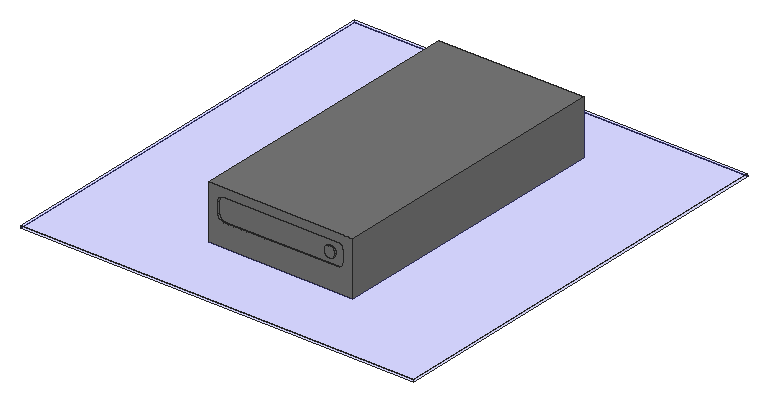
Revit family "QSC QIO-ML4I,ML2x2,L4O", category Communication Devices, host Face, Revit 2018
Family settings
  Host = Face
  Maintain Annotation Orientation = No
  Round Connector Dimension = Use Diameter
  Part Type = Normal
  Cut with Voids When Loaded = No
  Shared = No
  Room Calculation Point = No
Parameters (values of type "QIO-L4O")
  Width = 108 mm  # constant formula
  Weight Product (lb) = 1.72  # constant formula
  Weight Product (kg) = 0.78  # constant formula
  Voltage DC = "24 VDC, or PoE 802.3af Type 1"  # constant formula
  URL = "https://www.qsc.com/products-solutions/q-sys/control-io-controllers/qio-series/"
  Temperature min = "0° C"  # constant formula
  Temperature Max = "50° C"  # constant formula
  Show Surface Mount [instance] = no
  Regulatory Compliance = "FCC 47 CFR Part 15, IC ICES-003, CE (EN55032, EN55035), EU RoHS directive 2011/65/EU, WEEE directive 2012/19/EU, China RoHS directive GB/T26572, EAC, UL, C-UL, NOM-019"  # constant formula
  Rack Units = 1  # constant formula
  Product Page URL = "https://www.qsc.com/products-solutions/q-sys/control-io-controllers/qio-series/"
  Product Documentation Link = "https://www.qsc.com/resource-files/productresources/dn/qio_series/q_dn_qsys_qio_audio_io_expanders_specs.pdf"
  Mounting Width = 108 mm  # constant formula
  Mount Type = "Surface or Rack"  # constant formula
  Model = "QIO-ML4O"
  Manufacturer URL = "http://www.qsc.com"
  Manufacturer = "QSC, LLC"  # constant formula
  Height = 40.4 mm  # constant formula
  Description = "Network 4 Line Output Audio Expander for Q-SYS"
  Depth = 215.9 mm  # constant formula
  Default Elevation = 0 mm
  Current Draw = 2.5  # constant formula
  Enclosure Material [instance] = Dark Gray Finish
  Communication Ports = "4 LINE OUTPUTS, LAN, LAN (THRU)"
Types (4, lengths in mm): name | Model | Description | Communication Ports
  (no name) | "QIO-ML4O" | "Network 4 Line Output Audio Expander for Q-SYS" | "4 LINE OUTPUTS, LAN, LAN (THRU)"
  QIO-ML4I | "QIO-ML4I" | "Network 4 Mic/Line Input Audio Expander for Q-SYS" | "4 MIC/LINE INPUTS, LAN, LAN (THRU)"
  QIO-ML2x2 | "QIO-ML2x2" | "Network 2 Mic/Line Input, 2 Line Output Audio Expander for Q-SYS" | "2 MIC/LINE INPUTS, 2 LINE OUTPUTS, LAN, LAN (THRU)"
  QIO-L4O | "QIO-ML4O" | "Network 4 Line Output Audio Expander for Q-SYS" | "4 LINE OUTPUTS, LAN, LAN (THRU)"
Reference planes
  plane 1 "Center (Front/Back)": y = 0
  plane 2: z = 0
  plane 3 "Center (Left/Right)": x = 0
  plane 4 "Left": x = -54
  plane 5 "Right": x = 54
  plane 6 "Back": y = 107.95
  plane 7 "Front": y = -107.95
  plane 8 "Top": z = 40.4
  plane 9: x = 69.509
  plane 10: x = -69.509
  plane 11: y = -24.997
  plane 12: y = 24.997
Forms (mm)
  Extrusion 1, solid, material "Glass"
    sketch origin (0, 0, 0) x (1, 0, 0) y (0, 1, 0)
      loop
        line (-152.4, 152.4) -> (-152.4, -160.792) -> (141.744, -160.792) -> (141.744, 152.4) -> (-152.4, 152.4)
    from 0 to -2.007
  Extrusion 2, solid, material "Dark Gray Finish" <- "Enclosure Material", visible <- "Show Surface Mount"
    sketch origin (0, 0, 0) x (1, 0, 0) y (0, 1, 0)
      loop
        line (-69.509, 24.997) -> (-69.509, -24.997) -> (69.509, -24.997) -> (69.509, 24.997) -> (-69.509, 24.997)
      loop
        circle (-62.544, -18) r 2.75
      loop
        circle (62.456, -18) r 2.75
      loop
        circle (-62.544, 18) r 2.75
      loop
        circle (62.456, 18) r 2.75
      loop
        arc (-64.844, -7.75) -> (-62.544, -10.05) -> (-60.244, -7.75) r 2.3
        line (-60.244, -7.75) -> (-60.244, -3.633)
        arc (-60.244, -3.633) -> (-58.244, 0) -> (-60.244, 3.633) r 4.3
        line (-60.244, 3.633) -> (-60.244, 7.75)
        arc (-60.244, 7.75) -> (-62.544, 10.05) -> (-64.844, 7.75) r 2.3
        line (-64.844, 7.75) -> (-64.844, 3.633)
        arc (-64.844, 3.633) -> (-66.844, 0) -> (-64.844, -3.633) r 4.3
        line (-64.844, -3.633) -> (-64.844, -7.75)
      loop
        arc (59.656, -7.75) -> (61.956, -10.05) -> (64.256, -7.75) r 2.3
        line (64.256, -7.75) -> (64.256, -3.633)
        arc (64.256, -3.633) -> (66.256, 0) -> (64.256, 3.633) r 4.3
        line (64.256, 3.633) -> (64.256, 7.75)
        arc (64.256, 7.75) -> (61.956, 10.05) -> (59.656, 7.75) r 2.3
        line (59.656, 7.75) -> (59.656, 3.633)
        arc (59.656, 3.633) -> (57.656, 0) -> (59.656, -3.633) r 4.3
        line (59.656, -3.633) -> (59.656, -7.75)
    from 0 to 1
  Extrusion 3, solid, material "Dark Gray Finish" <- "Enclosure Material"
    sketch origin (0, 0, 0) x (1, 0, 0) y (0, 1, 0)
      loop
        line (-54, 107.95) -> (-54, -107.95) -> (54, -107.95) -> (54, 107.95) -> (-54, 107.95)
    from 0 to 40.4
  Extrusion 4, void
    sketch origin (0, -107.95, 0) x (-1, 0, 0) y (0, 0, 1)
      loop
        line (42.144, 34.475) -> (-42.556, 34.475)
        arc (-42.556, 34.475) -> (-45.738, 33.157) -> (-47.056, 29.975) r 4.5
        line (-47.056, 29.975) -> (-47.056, 21.875)
        arc (-47.056, 21.875) -> (-45.738, 18.693) -> (-42.556, 17.375) r 4.5
        line (-42.556, 17.375) -> (42.144, 17.375)
        arc (42.144, 17.375) -> (45.326, 18.693) -> (46.644, 21.875) r 4.5
        line (46.644, 21.875) -> (46.644, 29.975)
        arc (46.644, 29.975) -> (45.326, 33.157) -> (42.144, 34.475) r 4.5
      loop
        circle (-36.788, 25.599) r 4
    from 0 to 1
  Extrusion 5, void
    sketch origin (-129.576, 107.95, 1219.2) x (1, 0, 0) y (0, 0, 1)
      loop
        line (92.395, -1184.496) -> (83.895, -1184.496) -> (83.895, -1190.996) -> (92.395, -1190.996) -> (92.395, -1184.496)
      loop
        line (92.395, -1204.961) -> (83.895, -1204.961) -> (83.895, -1213.461) -> (92.395, -1213.461) -> (92.395, -1204.961)
      loop
        line (112.609, -1197.019) -> (112.609, -1189.519) -> (110.109, -1189.519) -> (110.109, -1188.269) -> (109.328, -1188.269) -> (109.328, -1187.019) -> (102.889, -1187.019) -> (102.889, -1188.269) -> (102.109, -1188.269) -> (102.109, -1189.519) -> (99.609, -1189.519) -> (99.609, -1197.019) -> (112.609, -1197.019)
      loop
        line (112.609, -1202.334) -> (99.609, -1202.334) -> (99.609, -1209.834) -> (102.109, -1209.834) -> (102.109, -1211.084) -> (102.889, -1211.084) -> (102.889, -1212.334) -> (109.328, -1212.334) -> (109.328, -1211.084) -> (110.109, -1211.084) -> (110.109, -1209.834) -> (112.609, -1209.834) -> (112.609, -1202.334)
      loop
        line (114.72, -1186.135) -> (97.72, -1186.135) -> (97.72, -1213.135) -> (114.72, -1213.135) -> (114.72, -1186.135)
      loop
        line (115.22, -1185.635) -> (97.22, -1185.635) -> (97.22, -1213.635) -> (115.22, -1213.635) -> (115.22, -1185.635)
      loop
        line (171.125, -1205.59) -> (125.125, -1205.59) -> (125.125, -1213.59) -> (171.125, -1213.59) -> (171.125, -1205.59)
    from 0 to 1
  Extrusion 6, solid, material "Dark Gray Finish" <- "Enclosure Material", visible <- "Show Surface Mount"
    sketch origin (-54, 0, 0) x (0, 1, 0) y (0, 0, 1)
      loop
        line (24.997, 0) -> (24.997, 21.098)
        arc (24.997, 21.098) -> (19.96, 27.073) -> (13.325, 31.2) r 25
        line (13.325, 31.2) -> (-13.318, 31.2)
        arc (-13.318, 31.2) -> (-19.958, 27.068) -> (-24.997, 21.087) r 25
        line (-24.997, 21.087) -> (-24.997, 0) -> (24.997, 0)
      loop
        circle (15.05, 21.2) r 2.25
      loop
        circle (-14.95, 21.2) r 2.25
    from -1 to 110
  Extrusion 7, void
    sketch origin (-213.601, 0, 0) x (0, 1, 0) y (0, 0, 1)
      loop
        line (24.997, 31.2) -> (-24.997, 31.2) -> (-24.997, 0) -> (24.997, 0) -> (24.997, 31.2)
    from 159.601 to 267.601
Cuts and joins
  Extrusion 4, Extrusion 5 cuts Extrusion 3
  Extrusion 7 cuts Extrusion 2
  Extrusion 7 cuts Extrusion 6
  joined: Extrusion 2, Extrusion 6
Lines and regions (mm)
  model lines
    curve 1: circle (-47.041, -107.95, 4.815) r 1.5 normal (0, 1, 0)
    curve 2: circle (-42.541, -107.95, 4.815) r 1.5 normal (0, 1, 0)
    curve 3: circle (-38.041, -107.95, 4.815) r 1.5 normal (0, 1, 0)
    curve 4: circle (-33.541, -107.95, 4.815) r 1.5 normal (0, 1, 0)
    curve 5: circle (-29.041, -107.95, 4.815) r 1.5 normal (0, 1, 0)
    curve 6: circle (-24.541, -107.95, 4.815) r 1.5 normal (0, 1, 0)
    curve 7: circle (-20.041, -107.95, 4.815) r 1.5 normal (0, 1, 0)
    curve 8: circle (-15.541, -107.95, 4.815) r 1.5 normal (0, 1, 0)
    curve 9: circle (-11.041, -107.95, 4.815) r 1.5 normal (0, 1, 0)
    curve 10: circle (-6.541, -107.95, 4.815) r 1.5 normal (0, 1, 0)
    curve 11: circle (-2.041, -107.95, 4.815) r 1.5 normal (0, 1, 0)
    curve 12: circle (2.459, -107.95, 4.815) r 1.5 normal (0, 1, 0)
    curve 13: circle (6.959, -107.95, 4.815) r 1.5 normal (0, 1, 0)
    curve 14: circle (11.459, -107.95, 4.815) r 1.5 normal (0, 1, 0)
    curve 15: circle (15.959, -107.95, 4.815) r 1.5 normal (0, 1, 0)
    curve 16: circle (20.459, -107.95, 4.815) r 1.5 normal (0, 1, 0)
    curve 17: circle (24.959, -107.95, 4.815) r 1.5 normal (0, 1, 0)
    curve 18: circle (29.459, -107.95, 4.815) r 1.5 normal (0, 1, 0)
    curve 19: circle (33.959, -107.95, 4.815) r 1.5 normal (0, 1, 0)
    curve 20: circle (38.459, -107.95, 4.815) r 1.5 normal (0, 1, 0)
    curve 21: circle (42.959, -107.95, 4.815) r 1.5 normal (0, 1, 0)
    curve 22: circle (47.459, -107.95, 4.815) r 1.5 normal (0, 1, 0)
    curve 24: circle (-47.041, -107.95, 9.815) r 1.5 normal (0, 1, 0)
    curve 25: circle (-42.541, -107.95, 9.815) r 1.5 normal (0, 1, 0)
    curve 26: circle (-38.041, -107.95, 9.815) r 1.5 normal (0, 1, 0)
    curve 27: circle (-33.541, -107.95, 9.815) r 1.5 normal (0, 1, 0)
    curve 28: circle (-29.041, -107.95, 9.815) r 1.5 normal (0, 1, 0)
    curve 29: circle (-24.541, -107.95, 9.815) r 1.5 normal (0, 1, 0)
    curve 30: circle (-20.041, -107.95, 9.815) r 1.5 normal (0, 1, 0)
    curve 31: circle (-15.541, -107.95, 9.815) r 1.5 normal (0, 1, 0)
    curve 32: circle (-11.041, -107.95, 9.815) r 1.5 normal (0, 1, 0)
    curve 33: circle (-6.541, -107.95, 9.815) r 1.5 normal (0, 1, 0)
    curve 34: circle (-2.041, -107.95, 9.815) r 1.5 normal (0, 1, 0)
    curve 35: circle (2.459, -107.95, 9.815) r 1.5 normal (0, 1, 0)
    curve 36: circle (6.959, -107.95, 9.815) r 1.5 normal (0, 1, 0)
    curve 37: circle (11.459, -107.95, 9.815) r 1.5 normal (0, 1, 0)
    curve 38: circle (15.959, -107.95, 9.815) r 1.5 normal (0, 1, 0)
    curve 39: circle (20.459, -107.95, 9.815) r 1.5 normal (0, 1, 0)
    curve 40: circle (24.959, -107.95, 9.815) r 1.5 normal (0, 1, 0)
    curve 41: circle (29.459, -107.95, 9.815) r 1.5 normal (0, 1, 0)
    curve 42: circle (33.959, -107.95, 9.815) r 1.5 normal (0, 1, 0)
    curve 43: circle (38.459, -107.95, 9.815) r 1.5 normal (0, 1, 0)
    curve 44: circle (42.959, -107.95, 9.815) r 1.5 normal (0, 1, 0)
    curve 45: circle (47.459, -107.95, 9.815) r 1.5 normal (0, 1, 0)
    curve 46: circle (-47.041, -107.95, 14.815) r 1.5 normal (0, 1, 0)
    curve 47: circle (-42.541, -107.95, 14.815) r 1.5 normal (0, 1, 0)
    curve 48: circle (-38.041, -107.95, 14.815) r 1.5 normal (0, 1, 0)
    curve 49: circle (-33.541, -107.95, 14.815) r 1.5 normal (0, 1, 0)
    curve 50: circle (-29.041, -107.95, 14.815) r 1.5 normal (0, 1, 0)
    curve 51: circle (-24.541, -107.95, 14.815) r 1.5 normal (0, 1, 0)
    curve 52: circle (-20.041, -107.95, 14.815) r 1.5 normal (0, 1, 0)
    curve 53: circle (-15.541, -107.95, 14.815) r 1.5 normal (0, 1, 0)
    curve 54: circle (-11.041, -107.95, 14.815) r 1.5 normal (0, 1, 0)
    curve 55: circle (-6.541, -107.95, 14.815) r 1.5 normal (0, 1, 0)
    curve 56: circle (-2.041, -107.95, 14.815) r 1.5 normal (0, 1, 0)
    curve 57: circle (2.459, -107.95, 14.815) r 1.5 normal (0, 1, 0)
    curve 58: circle (6.959, -107.95, 14.815) r 1.5 normal (0, 1, 0)
    curve 59: circle (11.459, -107.95, 14.815) r 1.5 normal (0, 1, 0)
    curve 60: circle (15.959, -107.95, 14.815) r 1.5 normal (0, 1, 0)
    curve 61: circle (20.459, -107.95, 14.815) r 1.5 normal (0, 1, 0)
    curve 62: circle (24.959, -107.95, 14.815) r 1.5 normal (0, 1, 0)
    curve 63: circle (29.459, -107.95, 14.815) r 1.5 normal (0, 1, 0)
    curve 64: circle (33.959, -107.95, 14.815) r 1.5 normal (0, 1, 0)
    curve 65: circle (38.459, -107.95, 14.815) r 1.5 normal (0, 1, 0)
    curve 66: circle (42.959, -107.95, 14.815) r 1.5 normal (0, 1, 0)
    curve 67: circle (47.459, -107.95, 14.815) r 1.5 normal (0, 1, 0)
    curve 90: line (52.003, 107.95, 39.598) -> (48.503, 107.95, 39.598)
    curve 91: line (52.003, 107.95, 36.098) -> (52.003, 107.95, 39.598)
    curve 92: line (48.503, 107.95, 36.098) -> (52.003, 107.95, 36.098)
    curve 93: line (48.503, 107.95, 39.598) -> (48.503, 107.95, 36.098)
    curve 94: line (47.103, 107.95, 39.598) -> (43.603, 107.95, 39.598)
    curve 95: line (47.103, 107.95, 36.098) -> (47.103, 107.95, 39.598)
    curve 96: line (43.603, 107.95, 36.098) -> (47.103, 107.95, 36.098)
    curve 97: line (43.603, 107.95, 39.598) -> (43.603, 107.95, 36.098)
    curve 98: line (42.203, 107.95, 39.598) -> (38.703, 107.95, 39.598)
    curve 99: line (42.203, 107.95, 36.098) -> (42.203, 107.95, 39.598)
    curve 100: line (38.703, 107.95, 36.098) -> (42.203, 107.95, 36.098)
    curve 101: line (38.703, 107.95, 39.598) -> (38.703, 107.95, 36.098)
    curve 102: line (37.303, 107.95, 39.598) -> (33.803, 107.95, 39.598)
    curve 103: line (37.303, 107.95, 36.098) -> (37.303, 107.95, 39.598)
    curve 104: line (33.803, 107.95, 36.098) -> (37.303, 107.95, 36.098)
    curve 105: line (33.803, 107.95, 39.598) -> (33.803, 107.95, 36.098)
    curve 106: line (32.403, 107.95, 39.598) -> (28.903, 107.95, 39.598)
    curve 107: line (32.403, 107.95, 36.098) -> (32.403, 107.95, 39.598)
    curve 108: line (28.903, 107.95, 36.098) -> (32.403, 107.95, 36.098)
    curve 109: line (28.903, 107.95, 39.598) -> (28.903, 107.95, 36.098)
    curve 110: line (27.503, 107.95, 39.598) -> (24.003, 107.95, 39.598)
    curve 111: line (27.503, 107.95, 36.098) -> (27.503, 107.95, 39.598)
    curve 112: line (24.003, 107.95, 36.098) -> (27.503, 107.95, 36.098)
    curve 113: line (24.003, 107.95, 39.598) -> (24.003, 107.95, 36.098)
    curve 114: line (22.603, 107.95, 39.598) -> (19.103, 107.95, 39.598)
    curve 115: line (22.603, 107.95, 36.098) -> (22.603, 107.95, 39.598)
    curve 116: line (19.103, 107.95, 36.098) -> (22.603, 107.95, 36.098)
    curve 117: line (19.103, 107.95, 39.598) -> (19.103, 107.95, 36.098)
    curve 118: line (17.703, 107.95, 39.598) -> (14.203, 107.95, 39.598)
    curve 119: line (17.703, 107.95, 36.098) -> (17.703, 107.95, 39.598)
    curve 120: line (14.203, 107.95, 36.098) -> (17.703, 107.95, 36.098)
    curve 121: line (14.203, 107.95, 39.598) -> (14.203, 107.95, 36.098)
    curve 122: line (12.803, 107.95, 39.598) -> (9.303, 107.95, 39.598)
    curve 123: line (12.803, 107.95, 36.098) -> (12.803, 107.95, 39.598)
    curve 124: line (9.303, 107.95, 36.098) -> (12.803, 107.95, 36.098)
    curve 125: line (9.303, 107.95, 39.598) -> (9.303, 107.95, 36.098)
    curve 126: line (7.903, 107.95, 39.598) -> (4.403, 107.95, 39.598)
    curve 127: line (7.903, 107.95, 36.098) -> (7.903, 107.95, 39.598)
    curve 128: line (4.403, 107.95, 36.098) -> (7.903, 107.95, 36.098)
    curve 129: line (4.403, 107.95, 39.598) -> (4.403, 107.95, 36.098)
    curve 130: line (3.003, 107.95, 39.598) -> (-0.497, 107.95, 39.598)
    curve 131: line (3.003, 107.95, 36.098) -> (3.003, 107.95, 39.598)
    curve 132: line (-0.497, 107.95, 36.098) -> (3.003, 107.95, 36.098)
    curve 133: line (-0.497, 107.95, 39.598) -> (-0.497, 107.95, 36.098)
    curve 138: line (52.003, 107.95, 34.698) -> (48.503, 107.95, 34.698)
    curve 139: line (52.003, 107.95, 31.198) -> (52.003, 107.95, 34.698)
    curve 140: line (48.503, 107.95, 31.198) -> (52.003, 107.95, 31.198)
    curve 141: line (48.503, 107.95, 34.698) -> (48.503, 107.95, 31.198)
    curve 142: line (47.103, 107.95, 34.698) -> (43.603, 107.95, 34.698)
    curve 143: line (47.103, 107.95, 31.198) -> (47.103, 107.95, 34.698)
    curve 144: line (43.603, 107.95, 31.198) -> (47.103, 107.95, 31.198)
    curve 145: line (43.603, 107.95, 34.698) -> (43.603, 107.95, 31.198)
    curve 146: line (42.203, 107.95, 34.698) -> (38.703, 107.95, 34.698)
    curve 147: line (42.203, 107.95, 31.198) -> (42.203, 107.95, 34.698)
    curve 148: line (38.703, 107.95, 31.198) -> (42.203, 107.95, 31.198)
    curve 149: line (38.703, 107.95, 34.698) -> (38.703, 107.95, 31.198)
    curve 150: line (37.303, 107.95, 34.698) -> (33.803, 107.95, 34.698)
    curve 151: line (37.303, 107.95, 31.198) -> (37.303, 107.95, 34.698)
    curve 152: line (33.803, 107.95, 31.198) -> (37.303, 107.95, 31.198)
    curve 153: line (33.803, 107.95, 34.698) -> (33.803, 107.95, 31.198)
    curve 154: line (32.403, 107.95, 34.698) -> (28.903, 107.95, 34.698)
    curve 155: line (32.403, 107.95, 31.198) -> (32.403, 107.95, 34.698)
    curve 156: line (28.903, 107.95, 31.198) -> (32.403, 107.95, 31.198)
    curve 157: line (28.903, 107.95, 34.698) -> (28.903, 107.95, 31.198)
    curve 158: line (27.503, 107.95, 34.698) -> (24.003, 107.95, 34.698)
    curve 159: line (27.503, 107.95, 31.198) -> (27.503, 107.95, 34.698)
    curve 160: line (24.003, 107.95, 31.198) -> (27.503, 107.95, 31.198)
    curve 161: line (24.003, 107.95, 34.698) -> (24.003, 107.95, 31.198)
    curve 162: line (22.603, 107.95, 34.698) -> (19.103, 107.95, 34.698)
    curve 163: line (22.603, 107.95, 31.198) -> (22.603, 107.95, 34.698)
    curve 164: line (19.103, 107.95, 31.198) -> (22.603, 107.95, 31.198)
    curve 165: line (19.103, 107.95, 34.698) -> (19.103, 107.95, 31.198)
    curve 166: line (17.703, 107.95, 34.698) -> (14.203, 107.95, 34.698)
    curve 167: line (17.703, 107.95, 31.198) -> (17.703, 107.95, 34.698)
    curve 168: line (14.203, 107.95, 31.198) -> (17.703, 107.95, 31.198)
    curve 169: line (14.203, 107.95, 34.698) -> (14.203, 107.95, 31.198)
    curve 170: line (12.803, 107.95, 34.698) -> (9.303, 107.95, 34.698)
    curve 171: line (12.803, 107.95, 31.198) -> (12.803, 107.95, 34.698)
    curve 172: line (9.303, 107.95, 31.198) -> (12.803, 107.95, 31.198)
    curve 173: line (9.303, 107.95, 34.698) -> (9.303, 107.95, 31.198)
    curve 174: line (7.903, 107.95, 34.698) -> (4.403, 107.95, 34.698)
    curve 175: line (7.903, 107.95, 31.198) -> (7.903, 107.95, 34.698)
    curve 176: line (4.403, 107.95, 31.198) -> (7.903, 107.95, 31.198)
    curve 177: line (4.403, 107.95, 34.698) -> (4.403, 107.95, 31.198)
    curve 178: line (3.003, 107.95, 34.698) -> (-0.497, 107.95, 34.698)
    curve 179: line (3.003, 107.95, 31.198) -> (3.003, 107.95, 34.698)
    curve 180: line (-0.497, 107.95, 31.198) -> (3.003, 107.95, 31.198)
    curve 181: line (-0.497, 107.95, 34.698) -> (-0.497, 107.95, 31.198)
    curve 182: line (52.003, 107.95, 29.798) -> (48.503, 107.95, 29.798)
    curve 183: line (52.003, 107.95, 26.298) -> (52.003, 107.95, 29.798)
    curve 184: line (48.503, 107.95, 26.298) -> (52.003, 107.95, 26.298)
    curve 185: line (48.503, 107.95, 29.798) -> (48.503, 107.95, 26.298)
    curve 186: line (47.103, 107.95, 29.798) -> (43.603, 107.95, 29.798)
    curve 187: line (47.103, 107.95, 26.298) -> (47.103, 107.95, 29.798)
    curve 188: line (43.603, 107.95, 26.298) -> (47.103, 107.95, 26.298)
    curve 189: line (43.603, 107.95, 29.798) -> (43.603, 107.95, 26.298)
    curve 190: line (42.203, 107.95, 29.798) -> (38.703, 107.95, 29.798)
    curve 191: line (42.203, 107.95, 26.298) -> (42.203, 107.95, 29.798)
    curve 192: line (38.703, 107.95, 26.298) -> (42.203, 107.95, 26.298)
    curve 193: line (38.703, 107.95, 29.798) -> (38.703, 107.95, 26.298)
    curve 194: line (37.303, 107.95, 29.798) -> (33.803, 107.95, 29.798)
    curve 195: line (37.303, 107.95, 26.298) -> (37.303, 107.95, 29.798)
    curve 196: line (33.803, 107.95, 26.298) -> (37.303, 107.95, 26.298)
    curve 197: line (33.803, 107.95, 29.798) -> (33.803, 107.95, 26.298)
    curve 198: line (32.403, 107.95, 29.798) -> (28.903, 107.95, 29.798)
    curve 199: line (32.403, 107.95, 26.298) -> (32.403, 107.95, 29.798)
    curve 200: line (28.903, 107.95, 26.298) -> (32.403, 107.95, 26.298)
    curve 201: line (28.903, 107.95, 29.798) -> (28.903, 107.95, 26.298)
    curve 202: line (27.503, 107.95, 29.798) -> (24.003, 107.95, 29.798)
    curve 203: line (27.503, 107.95, 26.298) -> (27.503, 107.95, 29.798)
    curve 204: line (24.003, 107.95, 26.298) -> (27.503, 107.95, 26.298)
    curve 205: line (24.003, 107.95, 29.798) -> (24.003, 107.95, 26.298)
    curve 206: line (22.603, 107.95, 29.798) -> (19.103, 107.95, 29.798)
    curve 207: line (22.603, 107.95, 26.298) -> (22.603, 107.95, 29.798)
    curve 208: line (19.103, 107.95, 26.298) -> (22.603, 107.95, 26.298)
    curve 209: line (19.103, 107.95, 29.798) -> (19.103, 107.95, 26.298)
    curve 210: line (17.703, 107.95, 29.798) -> (14.203, 107.95, 29.798)
    curve 211: line (17.703, 107.95, 26.298) -> (17.703, 107.95, 29.798)
    curve 212: line (14.203, 107.95, 26.298) -> (17.703, 107.95, 26.298)
    curve 213: line (14.203, 107.95, 29.798) -> (14.203, 107.95, 26.298)
    curve 214: line (12.803, 107.95, 29.798) -> (9.303, 107.95, 29.798)
    curve 215: line (12.803, 107.95, 26.298) -> (12.803, 107.95, 29.798)
    curve 216: line (9.303, 107.95, 26.298) -> (12.803, 107.95, 26.298)
    curve 217: line (9.303, 107.95, 29.798) -> (9.303, 107.95, 26.298)
    curve 218: line (7.903, 107.95, 29.798) -> (4.403, 107.95, 29.798)
    curve 219: line (7.903, 107.95, 26.298) -> (7.903, 107.95, 29.798)
    curve 220: line (4.403, 107.95, 26.298) -> (7.903, 107.95, 26.298)
    curve 221: line (4.403, 107.95, 29.798) -> (4.403, 107.95, 26.298)
    curve 222: line (3.003, 107.95, 29.798) -> (-0.497, 107.95, 29.798)
    curve 223: line (3.003, 107.95, 26.298) -> (3.003, 107.95, 29.798)
    curve 224: line (-0.497, 107.95, 26.298) -> (3.003, 107.95, 26.298)
    curve 225: line (-0.497, 107.95, 29.798) -> (-0.497, 107.95, 26.298)
    curve 226: line (-1.897, 107.95, 29.798) -> (-5.397, 107.95, 29.798)
    curve 227: line (-1.897, 107.95, 26.298) -> (-1.897, 107.95, 29.798)
    curve 228: line (-5.397, 107.95, 26.298) -> (-1.897, 107.95, 26.298)
    curve 229: line (-5.397, 107.95, 29.798) -> (-5.397, 107.95, 26.298)
    curve 230: line (-6.797, 107.95, 29.798) -> (-10.297, 107.95, 29.798)
    curve 231: line (-6.797, 107.95, 26.298) -> (-6.797, 107.95, 29.798)
    curve 232: line (-10.297, 107.95, 26.298) -> (-6.797, 107.95, 26.298)
    curve 233: line (-10.297, 107.95, 29.798) -> (-10.297, 107.95, 26.298)
    curve 234: line (52.003, 107.95, 24.898) -> (48.503, 107.95, 24.898)
    curve 235: line (52.003, 107.95, 21.398) -> (52.003, 107.95, 24.898)
    curve 236: line (48.503, 107.95, 21.398) -> (52.003, 107.95, 21.398)
    curve 237: line (48.503, 107.95, 24.898) -> (48.503, 107.95, 21.398)
    curve 238: line (47.103, 107.95, 24.898) -> (43.603, 107.95, 24.898)
    curve 239: line (47.103, 107.95, 21.398) -> (47.103, 107.95, 24.898)
    curve 240: line (43.603, 107.95, 21.398) -> (47.103, 107.95, 21.398)
    curve 241: line (43.603, 107.95, 24.898) -> (43.603, 107.95, 21.398)
    curve 242: line (-6.797, 107.95, 24.898) -> (-10.297, 107.95, 24.898)
    curve 243: line (-6.797, 107.95, 21.398) -> (-6.797, 107.95, 24.898)
    curve 244: line (-10.297, 107.95, 21.398) -> (-6.797, 107.95, 21.398)
    curve 245: line (-10.297, 107.95, 24.898) -> (-10.297, 107.95, 21.398)
    curve 246: line (52.003, 107.95, 19.998) -> (48.503, 107.95, 19.998)
    curve 247: line (52.003, 107.95, 16.498) -> (52.003, 107.95, 19.998)
    curve 248: line (48.503, 107.95, 16.498) -> (52.003, 107.95, 16.498)
    curve 249: line (48.503, 107.95, 19.998) -> (48.503, 107.95, 16.498)
    curve 250: line (47.103, 107.95, 19.998) -> (43.603, 107.95, 19.998)
    curve 251: line (47.103, 107.95, 16.498) -> (47.103, 107.95, 19.998)
    curve 252: line (43.603, 107.95, 16.498) -> (47.103, 107.95, 16.498)
    curve 253: line (43.603, 107.95, 19.998) -> (43.603, 107.95, 16.498)
    curve 254: line (-6.797, 107.95, 19.998) -> (-10.297, 107.95, 19.998)
    curve 255: line (-6.797, 107.95, 16.498) -> (-6.797, 107.95, 19.998)
    curve 256: line (-10.297, 107.95, 16.498) -> (-6.797, 107.95, 16.498)
    curve 257: line (-10.297, 107.95, 19.998) -> (-10.297, 107.95, 16.498)
    curve 258: line (52.003, 107.95, 15.098) -> (48.503, 107.95, 15.098)
    curve 259: line (52.003, 107.95, 11.598) -> (52.003, 107.95, 15.098)
    curve 260: line (48.503, 107.95, 11.598) -> (52.003, 107.95, 11.598)
    curve 261: line (48.503, 107.95, 15.098) -> (48.503, 107.95, 11.598)
    curve 262: line (47.103, 107.95, 15.098) -> (43.603, 107.95, 15.098)
    curve 263: line (47.103, 107.95, 11.598) -> (47.103, 107.95, 15.098)
    curve 264: line (43.603, 107.95, 11.598) -> (47.103, 107.95, 11.598)
    curve 265: line (43.603, 107.95, 15.098) -> (43.603, 107.95, 11.598)
    curve 266: line (52.003, 107.95, 10.198) -> (48.503, 107.95, 10.198)
    curve 267: line (52.003, 107.95, 6.698) -> (52.003, 107.95, 10.198)
    curve 268: line (48.503, 107.95, 6.698) -> (52.003, 107.95, 6.698)
    curve 269: line (48.503, 107.95, 10.198) -> (48.503, 107.95, 6.698)
    curve 270: line (47.103, 107.95, 10.198) -> (43.603, 107.95, 10.198)
    curve 271: line (47.103, 107.95, 6.698) -> (47.103, 107.95, 10.198)
    curve 272: line (43.603, 107.95, 6.698) -> (47.103, 107.95, 6.698)
    curve 273: line (43.603, 107.95, 10.198) -> (43.603, 107.95, 6.698)
    curve 274: line (-47.997, 107.95, 39.598) -> (-51.497, 107.95, 39.598)
    curve 275: line (-47.997, 107.95, 36.098) -> (-47.997, 107.95, 39.598)
    curve 276: line (-51.497, 107.95, 36.098) -> (-47.997, 107.95, 36.098)
    curve 277: line (-51.497, 107.95, 39.598) -> (-51.497, 107.95, 36.098)
    curve 278: line (-47.997, 107.95, 34.698) -> (-51.497, 107.95, 34.698)
    curve 279: line (-47.997, 107.95, 31.198) -> (-47.997, 107.95, 34.698)
    curve 280: line (-51.497, 107.95, 31.198) -> (-47.997, 107.95, 31.198)
    curve 281: line (-51.497, 107.95, 34.698) -> (-51.497, 107.95, 31.198)
    curve 282: line (-47.997, 107.95, 29.798) -> (-51.497, 107.95, 29.798)
    curve 283: line (-47.997, 107.95, 26.298) -> (-47.997, 107.95, 29.798)
    curve 284: line (-51.497, 107.95, 26.298) -> (-47.997, 107.95, 26.298)
    curve 285: line (-51.497, 107.95, 29.798) -> (-51.497, 107.95, 26.298)
    curve 286: line (-47.997, 107.95, 24.898) -> (-51.497, 107.95, 24.898)
    curve 287: line (-47.997, 107.95, 21.398) -> (-47.997, 107.95, 24.898)
    curve 288: line (-51.497, 107.95, 21.398) -> (-47.997, 107.95, 21.398)
    curve 289: line (-51.497, 107.95, 24.898) -> (-51.497, 107.95, 21.398)
    curve 290: line (-47.997, 107.95, 19.998) -> (-51.497, 107.95, 19.998)
    curve 291: line (-47.997, 107.95, 16.498) -> (-47.997, 107.95, 19.998)
    curve 292: line (-51.497, 107.95, 16.498) -> (-47.997, 107.95, 16.498)
    curve 293: line (-51.497, 107.95, 19.998) -> (-51.497, 107.95, 16.498)
    curve 294: line (-47.997, 107.95, 15.098) -> (-51.497, 107.95, 15.098)
    curve 295: line (-47.997, 107.95, 11.598) -> (-47.997, 107.95, 15.098)
    curve 296: line (-51.497, 107.95, 11.598) -> (-47.997, 107.95, 11.598)
    curve 297: line (-51.497, 107.95, 15.098) -> (-51.497, 107.95, 11.598)
    curve 298: line (-47.997, 107.95, 10.198) -> (-51.497, 107.95, 10.198)
    curve 299: line (-47.997, 107.95, 6.698) -> (-47.997, 107.95, 10.198)
    curve 300: line (-51.497, 107.95, 6.698) -> (-47.997, 107.95, 6.698)
    curve 301: line (-51.497, 107.95, 10.198) -> (-51.497, 107.95, 6.698)
    curve 302: circle (-54.5, 69.924, 26.504) r 1.5 normal (-1, 0, 0)
    curve 303: circle (-54.5, 74.424, 26.504) r 1.5 normal (-1, 0, 0)
    curve 304: circle (-54.5, 78.924, 26.504) r 1.5 normal (-1, 0, 0)
    curve 305: circle (-54.5, 83.424, 26.504) r 1.5 normal (-1, 0, 0)
    curve 306: circle (-54.5, 87.924, 26.504) r 1.5 normal (-1, 0, 0)
    curve 307: circle (-54.5, 92.424, 26.504) r 1.5 normal (-1, 0, 0)
    curve 308: circle (-54.5, 96.924, 26.504) r 1.5 normal (-1, 0, 0)
    curve 309: circle (-54.5, 101.424, 26.504) r 1.5 normal (-1, 0, 0)
    curve 310: circle (-54.5, 65.424, 31.504) r 1.5 normal (-1, 0, 0)
    curve 311: circle (-54.5, 69.924, 31.504) r 1.5 normal (-1, 0, 0)
    curve 312: circle (-54.5, 74.424, 31.504) r 1.5 normal (-1, 0, 0)
    curve 313: circle (-54.5, 78.924, 31.504) r 1.5 normal (-1, 0, 0)
    curve 314: circle (-54.5, 83.424, 31.504) r 1.5 normal (-1, 0, 0)
    curve 315: circle (-54.5, 87.924, 31.504) r 1.5 normal (-1, 0, 0)
    curve 316: circle (-54.5, 92.424, 31.504) r 1.5 normal (-1, 0, 0)
    curve 317: circle (-54.5, 96.924, 31.504) r 1.5 normal (-1, 0, 0)
    curve 318: circle (-54.5, 101.424, 31.504) r 1.5 normal (-1, 0, 0)
    curve 319: circle (-54.5, 60.924, 36.504) r 1.5 normal (-1, 0, 0)
    curve 320: circle (-54.5, 65.424, 36.504) r 1.5 normal (-1, 0, 0)
    curve 321: circle (-54.5, 69.924, 36.504) r 1.5 normal (-1, 0, 0)
    curve 322: circle (-54.5, 74.424, 36.504) r 1.5 normal (-1, 0, 0)
    curve 323: circle (-54.5, 78.924, 36.504) r 1.5 normal (-1, 0, 0)
    curve 324: circle (-54.5, 83.424, 36.504) r 1.5 normal (-1, 0, 0)
    curve 325: circle (-54.5, 87.924, 36.504) r 1.5 normal (-1, 0, 0)
    curve 326: circle (-54.5, 92.424, 36.504) r 1.5 normal (-1, 0, 0)
    curve 327: circle (-54.5, 96.924, 36.504) r 1.5 normal (-1, 0, 0)
    curve 328: circle (-54.5, 101.424, 36.504) r 1.5 normal (-1, 0, 0)
    curve 329: circle (54.5, 69.924, 26.504) r 1.5 normal (-1, 0, 0)
    curve 330: circle (54.5, 74.424, 26.504) r 1.5 normal (-1, 0, 0)
    curve 331: circle (54.5, 78.924, 26.504) r 1.5 normal (-1, 0, 0)
    curve 332: circle (54.5, 83.424, 26.504) r 1.5 normal (-1, 0, 0)
    curve 333: circle (54.5, 87.924, 26.504) r 1.5 normal (-1, 0, 0)
    curve 334: circle (54.5, 92.424, 26.504) r 1.5 normal (-1, 0, 0)
    curve 335: circle (54.5, 96.924, 26.504) r 1.5 normal (-1, 0, 0)
    curve 336: circle (54.5, 101.424, 26.504) r 1.5 normal (-1, 0, 0)
    curve 337: circle (54.5, 65.424, 31.504) r 1.5 normal (-1, 0, 0)
    curve 338: circle (54.5, 69.924, 31.504) r 1.5 normal (-1, 0, 0)
    curve 339: circle (54.5, 74.424, 31.504) r 1.5 normal (-1, 0, 0)
    curve 340: circle (54.5, 78.924, 31.504) r 1.5 normal (-1, 0, 0)
    curve 341: circle (54.5, 83.424, 31.504) r 1.5 normal (-1, 0, 0)
    curve 342: circle (54.5, 87.924, 31.504) r 1.5 normal (-1, 0, 0)
    curve 343: circle (54.5, 92.424, 31.504) r 1.5 normal (-1, 0, 0)
    curve 344: circle (54.5, 96.924, 31.504) r 1.5 normal (-1, 0, 0)
    curve 345: circle (54.5, 101.424, 31.504) r 1.5 normal (-1, 0, 0)
    curve 346: circle (54.5, 60.924, 36.504) r 1.5 normal (-1, 0, 0)
    curve 347: circle (54.5, 65.424, 36.504) r 1.5 normal (-1, 0, 0)
    curve 348: circle (54.5, 69.924, 36.504) r 1.5 normal (-1, 0, 0)
    curve 349: circle (54.5, 74.424, 36.504) r 1.5 normal (-1, 0, 0)
    curve 350: circle (54.5, 78.924, 36.504) r 1.5 normal (-1, 0, 0)
    curve 351: circle (54.5, 83.424, 36.504) r 1.5 normal (-1, 0, 0)
    curve 352: circle (54.5, 87.924, 36.504) r 1.5 normal (-1, 0, 0)
    curve 353: circle (54.5, 92.424, 36.504) r 1.5 normal (-1, 0, 0)
    curve 354: circle (54.5, 96.924, 36.504) r 1.5 normal (-1, 0, 0)
    curve 355: circle (54.5, 101.424, 36.504) r 1.5 normal (-1, 0, 0)
  model lines, not visible
    curve 23: circle (-49.854, -107.95, 4.815) r 1.5 normal (0, 1, 0)
    curve 68: circle (-47.041, -107.95, 4.815) r 1.5 normal (0, 1, 0)
    curve 69: circle (-42.541, -107.95, 4.815) r 1.5 normal (0, 1, 0)
    curve 70: circle (-38.041, -107.95, 4.815) r 1.5 normal (0, 1, 0)
    curve 71: circle (-33.541, -107.95, 4.815) r 1.5 normal (0, 1, 0)
    curve 72: circle (-29.041, -107.95, 4.815) r 1.5 normal (0, 1, 0)
    curve 73: circle (-24.541, -107.95, 4.815) r 1.5 normal (0, 1, 0)
    curve 74: circle (-20.041, -107.95, 4.815) r 1.5 normal (0, 1, 0)
    curve 75: circle (-15.541, -107.95, 4.815) r 1.5 normal (0, 1, 0)
    curve 76: circle (-11.041, -107.95, 4.815) r 1.5 normal (0, 1, 0)
    curve 77: circle (-6.541, -107.95, 4.815) r 1.5 normal (0, 1, 0)
    curve 78: circle (-2.041, -107.95, 4.815) r 1.5 normal (0, 1, 0)
    curve 79: circle (2.459, -107.95, 4.815) r 1.5 normal (0, 1, 0)
    curve 80: circle (6.959, -107.95, 4.815) r 1.5 normal (0, 1, 0)
    curve 81: circle (11.459, -107.95, 4.815) r 1.5 normal (0, 1, 0)
    curve 82: circle (15.959, -107.95, 4.815) r 1.5 normal (0, 1, 0)
    curve 83: circle (20.459, -107.95, 4.815) r 1.5 normal (0, 1, 0)
    curve 84: circle (24.959, -107.95, 4.815) r 1.5 normal (0, 1, 0)
    curve 85: circle (29.459, -107.95, 4.815) r 1.5 normal (0, 1, 0)
    curve 86: circle (33.959, -107.95, 4.815) r 1.5 normal (0, 1, 0)
    curve 87: circle (38.459, -107.95, 4.815) r 1.5 normal (0, 1, 0)
    curve 88: circle (42.959, -107.95, 4.815) r 1.5 normal (0, 1, 0)
    curve 89: circle (47.459, -107.95, 4.815) r 1.5 normal (0, 1, 0)
    curve 134: line (52.003, 107.95, 39.598) -> (48.503, 107.95, 39.598)
    curve 135: line (52.003, 107.95, 36.098) -> (52.003, 107.95, 39.598)
    curve 136: line (48.503, 107.95, 36.098) -> (52.003, 107.95, 36.098)
    curve 137: line (48.503, 107.95, 39.598) -> (48.503, 107.95, 36.098)
Dimensions and locks
  equal spacing: plane 6 "Back", plane 1 "Center (Front/Back)", plane 7 "Front"
  "Depth": plane 6 "Back" to plane 7 "Front"
  equal spacing: plane 4 "Left", plane 3 "Center (Left/Right)", plane 5 "Right"
  "Width": plane 4 "Left" to plane 5 "Right"
  plane 4 "Left" to plane 5 "Right" = 108 mm
  "Height": plane 8 "Top" to plane 2
  equal spacing: group 1, group 2, group 3, group 4, group 5, group 6, group 7, group 8, group 9, group 10, group 11, group 12, group 13, group 14, group 15, group 16, group 17, group 18, group 19, group 20, group 21, group 22  (x3)
  equal spacing: group 25, group 26, group 27, group 28, group 29, group 30, group 31, group 32, group 33, group 34, group 35, group 36, group 37, group 38, group 39, group 40, group 41, group 42, group 43, group 44, group 45, group 46  (x3)
  equal spacing: group 70, group 47, group 23
  equal spacing: group 23, group 47, group 70  (x2)
  equal spacing: group 48, group 49, group 50, group 51, group 52, group 53, group 54, group 55, group 56, group 57, group 58, group 59, group 60, group 61, group 62, group 63, group 64, group 65, group 66, group 67, group 68, group 69  (x3)
  plane 8 "Top" to Extrusion 4 sketch curve = 5.925 mm
  equal spacing: group 71, group 72, group 73, group 74, group 75, group 76, group 77, group 78, group 79, group 80, group 81, group 82, group 83, group 84, group 85, group 86, group 87, group 88, group 89, group 90, group 91, group 92  (x3)
  equal spacing: plane 10, plane 3 "Center (Left/Right)", plane 9
  equal spacing: plane 11, plane 1 "Center (Front/Back)", plane 12
  plane 10 to plane 9 = 139.018 mm
  plane 11 to plane 12 = 49.993 mm
  aligned and locked: plane 2 to Extrusion 1
  aligned and locked: level to Extrusion 1
  aligned and locked: Extrusion 3 sketch curve to plane 6 "Back"
  aligned and locked: Extrusion 3 sketch curve to plane 5 "Right"
  aligned and locked: plane 7 "Front" to Extrusion 3 sketch curve
  aligned and locked: plane 4 "Left" to Extrusion 3 sketch curve
  aligned and locked: plane 8 "Top" to Extrusion 3
  aligned and locked: Extrusion 2 to plane 12
  aligned and locked: plane 11 to Extrusion 2
  aligned and locked: plane 9 to Extrusion 2
  aligned and locked: Extrusion 2 to plane 10
Automatic sketch dimensions
  Extrusion 1 sketch curve to Extrusion 1 sketch curve = 294.144 mm
  Extrusion 1 sketch curve to Extrusion 1 sketch curve = 313.192 mm
  Extrusion 4 sketch curve to plane 5 "Right" = 6.944 mm
  Extrusion 4 sketch curve to Extrusion 4 sketch curve = 4.5 mm  (x3)
  Extrusion 4 sketch curve to Extrusion 4 sketch curve = 5.767 mm
  plane 4 "Left" to Extrusion 4 sketch curve = 11.856 mm
  Extrusion 4 sketch curve to Extrusion 4 sketch curve = 0 mm
  Extrusion 4 sketch curve to Extrusion 4 sketch curve = 4.377 mm
  Extrusion 4 sketch curve to Extrusion 4 sketch curve = 3.723 mm
  level to Extrusion 5 sketch curve = 13.61 mm
  plane 4 "Left" to Extrusion 5 sketch curve = 49.549 mm
  plane 4 "Left" to Extrusion 5 sketch curve = 95.549 mm
  plane 4 "Left" to Extrusion 5 sketch curve = 8.318 mm  (x2)
  Extrusion 5 sketch curve to Extrusion 5 sketch curve = 8.5 mm  (x3)
  Extrusion 5 sketch curve to Extrusion 5 sketch curve = 4.825 mm
  Extrusion 5 sketch curve to Extrusion 5 sketch curve = 0.5 mm  (x4)
  Extrusion 5 sketch curve to Extrusion 5 sketch curve = 1.889 mm  (x2)
  Extrusion 5 sketch curve to Extrusion 5 sketch curve = 2.5 mm  (x4)
  Extrusion 5 sketch curve to Extrusion 5 sketch curve = 0.781 mm  (x4)
  Extrusion 5 sketch curve to Extrusion 5 sketch curve = 6.438 mm  (x2)
  Extrusion 5 sketch curve to Extrusion 5 sketch curve = 2.111 mm
  Extrusion 5 sketch curve to Extrusion 5 sketch curve = 8 mm
  level to Extrusion 5 sketch curve = 5.565 mm
  Extrusion 5 sketch curve to Extrusion 5 sketch curve = 0.174 mm
  Extrusion 5 sketch curve to Extrusion 5 sketch curve = 0.8 mm
  Extrusion 5 sketch curve to Extrusion 5 sketch curve = 1.25 mm  (x7)
  Extrusion 5 sketch curve to Extrusion 5 sketch curve = 7.5 mm  (x3)
  Extrusion 5 sketch curve to Extrusion 5 sketch curve = 5.315 mm
  Extrusion 5 sketch curve to Extrusion 5 sketch curve = 13.965 mm
  Extrusion 5 sketch curve to Extrusion 5 sketch curve = 3.385 mm
  Extrusion 5 sketch curve to plane 8 "Top" = 5.696 mm
  Extrusion 2 sketch curve to plane 4 "Left" = 15.509 mm
  plane 5 "Right" to Extrusion 2 sketch curve = 15.509 mm
  plane 1 "Center (Front/Back)" to Extrusion 2 sketch curve = 24.997 mm
  Extrusion 2 sketch curve to plane 1 "Center (Front/Back)" = 24.997 mm
  Extrusion 6 sketch curve to level = 0 mm
  plane 11 to Extrusion 6 sketch curve = 0 mm
  Extrusion 6 sketch curve to plane 11 = 10.047 mm
  Extrusion 6 sketch curve to Extrusion 6 sketch curve = 1.632 mm
  plane 1 "Center (Front/Back)" to Extrusion 6 sketch curve = 3.592 mm
  Extrusion 6 sketch curve to plane 1 "Center (Front/Back)" = 3.599 mm
  plane 12 to Extrusion 6 sketch curve = 11.672 mm
  plane 12 to Extrusion 6 sketch curve = 9.947 mm
  Extrusion 6 sketch curve to plane 12 = 0 mm
  level to Extrusion 6 sketch curve = 8.169 mm
  Extrusion 6 sketch curve to Extrusion 6 sketch curve = 0 mm
  Extrusion 6 sketch curve to Extrusion 6 sketch curve = 21.087 mm
  Extrusion 6 sketch curve to Extrusion 6 sketch curve = 0.102 mm
  Extrusion 6 sketch curve to Extrusion 6 sketch curve = 10 mm
  Extrusion 2 sketch curve to Extrusion 2 sketch curve = 0 mm  (x4)
  plane 1 "Center (Front/Back)" to Extrusion 2 sketch curve = 0 mm  (x2)
  plane 10 to Extrusion 2 sketch curve = 4.664 mm  (x2)
  Extrusion 2 sketch curve to Extrusion 2 sketch curve = 2.3 mm  (x6)
  plane 10 to Extrusion 2 sketch curve = 6.964 mm  (x2)
  plane 5 "Right" to Extrusion 2 sketch curve = 5.656 mm  (x2)
  Extrusion 2 sketch curve to plane 9 = 7.053 mm  (x2)
  Extrusion 2 sketch curve to plane 11 = 6.997 mm  (x2)
  plane 1 "Center (Front/Back)" to Extrusion 2 sketch curve = 7.75 mm  (x2)
  plane 1 "Center (Front/Back)" to Extrusion 2 sketch curve = 3.633 mm  (x4)
  Extrusion 2 sketch curve to Extrusion 2 sketch curve = 4.117 mm  (x2)
  plane 12 to Extrusion 2 sketch curve = 6.997 mm  (x2)
  Extrusion 7 sketch curve to plane 11 = 0 mm
  Extrusion 7 sketch curve to level = 0 mm
  Extrusion 7 sketch curve to plane 12 = 0 mm
  Extrusion 7 sketch curve to plane 8 "Top" = 9.2 mm
  radius of Extrusion 4 sketch curve = 4 mm
  radius of Extrusion 6 sketch curve = 2.25 mm  (x2)
  radius of Extrusion 2 sketch curve = 2.75 mm  (x4)
Connectors
  electrical at (-23.468, 106.95, 29.264)
    settings: on cut or joined group of Extrusion 3, Extrusion 4, Extrusion 5, index 1, voltage 0 V, apparent load 0 VA, apparent load phase1 0 VA, apparent load phase2 0 VA, apparent load phase3 0 VA, power factor 1, load classification "Other", number of poles 1, system type 14, power factor state 1, is connector primary no, connector utility no, sub classification motor no, connector description "LAN [THRU]"
  electrical at (-23.468, 106.95, 9.782)
    settings: on cut or joined group of Extrusion 3, Extrusion 4, Extrusion 5, index 2, voltage 0 V, apparent load 0 VA, apparent load phase1 0 VA, apparent load phase2 0 VA, apparent load phase3 0 VA, power factor 1, load classification "Other", number of poles 1, system type 14, power factor state 1, is connector primary yes, connector utility no, sub classification motor no, connector description "LAN [POE]"
  electrical at (-41.432, 106.95, 9.989)
    settings: on cut or joined group of Extrusion 3, Extrusion 4, Extrusion 5, index 3, voltage 0 V, apparent load 0 VA, apparent load phase1 0 VA, apparent load phase2 0 VA, apparent load phase3 0 VA, power factor 1, load classification "Other", number of poles 1, system type 14, power factor state 1, is connector primary no, connector utility no, sub classification motor no, connector description "24 VDC/2.5A IN"
  electrical at (-41.432, 106.95, 31.454)
    settings: on cut or joined group of Extrusion 3, Extrusion 4, Extrusion 5, index 4, voltage 0 V, apparent load 0 VA, apparent load phase1 0 VA, apparent load phase2 0 VA, apparent load phase3 0 VA, power factor 1, load classification "Other", number of poles 1, system type 14, power factor state 1, is connector primary no, connector utility no, sub classification motor no, connector description "24VDC/2.5A OUT"
  electrical at (18.549, 106.95, 9.61)
    settings: on cut or joined group of Extrusion 3, Extrusion 4, Extrusion 5, index 5, voltage 0 V, apparent load 0 VA, apparent load phase1 0 VA, apparent load phase2 0 VA, apparent load phase3 0 VA, power factor 1, load classification "Other", number of poles 1, system type 14, power factor state 1, is connector primary no, connector utility no, sub classification motor no, connector description "AUDIO (SEE TYPE PARAMETERS)"
